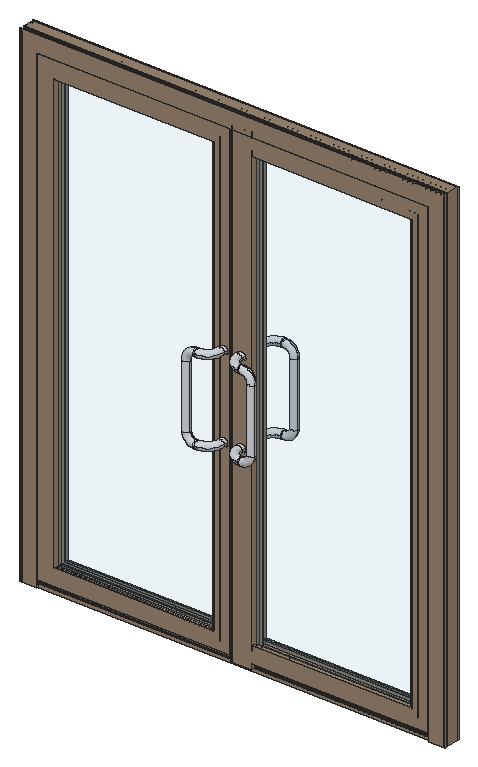
Revit family "5_Дверь наружнего открывания двустворчатая (без штульпа)_V72-D01_(2)", category Двери, Revit 2019
Family settings
  Основа = Стена
  Номер OmniClass = 23.30.20.17.11
  Заголовок OmniClass = Fixed Windows
  Всегда вертикально = Да
  При загрузке вырезать с полостями = Нет
  Общий = Нет
  Точка расчета площади = Нет
Parameters (values of type "V72 Дверь двустворчатая")
  Width [instance] = 0.00 mm  # constant formula
  Монтажный зазор.Верх [instance] = 25.00 mm
  VIDNAL_Ширина створки прав. [instance] = 856.50 mm
  VIDNAL_Ширина створки лев. [instance] = ADSK_Ширина рамы - VIDNAL_Ширина створки прав. - 83.00 mm  # 860.50 mm
  VIDNAL_Ширина проема [instance] = ADSK_Ширина рамы + Монтажный зазор.Правый + Монтажный зазор.Левый  # 1850.00 mm
  VIDNAL_Цвет конструкции = ""
  VIDNAL_Фурнитура [instance] = ""
  VIDNAL_Формула стеклопакета [instance] = ""
  VIDNAL_Толщина стеклопакета [instance] = ""
  VIDNAL_Сопротивление ветровой нагрузке = ""
  VIDNAL_Система профилей [instance] = "V72"  # constant formula
  VIDNAL_Площадь изделия [instance] = ADSK_Ширина рамы * ADSK_Высота рамы  # 3.78 m²
  VIDNAL_Звукоизоляция [instance] = ""
  VIDNAL_Глубина вставки [instance] = 150.00 mm
  VIDNAL_Высота ручки = 1000.00 mm
  VIDNAL_Высота проема [instance] = ADSK_Высота рамы + Монтажный зазор.Верх  # 2125.00 mm
  Глубина профиля [instance] = 72.00 mm  # constant formula
  Rough Width = 0.00 mm  # constant formula
  Rough Height = 0.00 mm  # constant formula
  Описание = "Окно"
  Обозначение = "ГОСТ 23747-2015"
  Наименование = ""
  Монтажный зазор.Правый [instance] = 25.00 mm
  Монтажный зазор.Левый [instance] = 25.00 mm
  Марка проема [instance] = ""
  Model = ""
  Стекло = АС_Стекло
  Рама = Алюминий
  Type Comments = ""
  Assembly Code = ""
  Wall Closure = (empty or 0)
  Height [instance] = 0.00 mm  # constant formula
  Аналитическая конструкция = "<Нет>"
  VIDNAL_Возухопроницаемость [instance] = ""
  VIDNAL_Водонепроницаемость [instance] = ""
  VIDNAL_Rприв. профиля со стеклопакетом [instance] = ""
  ADSK_Ширина рамы [instance] = 1800.00 mm
  ADSK_Позиция [instance] = ""
  ADSK_Завод-изготовитель [instance] = "VIDNAL"  # constant formula
  ADSK_Высота рамы [instance] = 2100.00 mm
Reference planes
  plane 1 "Глубина профиля": y = -112
  plane 2: z = 0
  plane 3 "Слева": x = -922.6
  plane 4 "Справа": x = 927.4
  plane 5 "низ створки": z = 9
  plane 6 "ВЕРХ": z = 2125
  plane 7 "Внутренняя": y = -190
  plane 8 "Вставка двери": y = -40
  plane 9 "рама лев": x = -897.6
  plane 10 "рама прав": x = 902.4
  plane 11 "рама верх": z = 2100
  plane 12: y = 190
  plane 13 "верх створки": z = 2050
  plane 14 "низ порога": z = 0
  plane 15 "створка лев": x = -845.6
  plane 16 "створка прав": x = 850.4
  plane 17 "створка прав2": x = -6.1
  plane 18 "створка лев2": x = 10.9
Forms (mm)
  Extrusion 1, void, detail levels medium+fine
    sketch origin (0, 38, 0) x (0, 0, 1) y (-1, 0, 0)
      loop
        line (2125, -927.4) -> (2125, 922.6) -> (0, 922.6) -> (0, -927.4) -> (2125, -927.4)
    from -152 to 228
  Sweep 2, solid, material "Алюминий" <- "Рама"
    path origin (0, -40, 0) x (0, 0, -1) y (-1, 0, 0)
      loop
        line (0, 897.6) -> (-2100, 897.6) -> (-2100, -902.4) -> (0, -902.4)
    profile "Профиль_Рама_дверь_наруж_141-241 : Профиль_Рама_дверь_наруж_141-241" origin (-897.6, -40, 1050) x (1, 0, 0) y (0, 1, 0)
      loop
        line (45.25, -62.15) -> (50.25, -62.15) -> (50.25, -37.8) -> (1.75, -37.8) -> (1.75, -50.4) -> (6.75, -50.4) -> (6.75, -70.2) -> (45.25, -70.2) -> (45.25, -62.15)
      loop
        line (1.836, -16.171) -> (1.836, -29.761) -> (9.375, -36) -> (42.625, -36) -> (50.138, -29.758) -> (50.138, -16.442) -> (42.625, -10) -> (9.375, -10) -> (1.836, -16.171)
      loop
        line (45.25, -1.8) -> (6.75, -1.8) -> (6.75, -8.2) -> (45.25, -8.2) -> (45.25, -1.8)
      loop
        line (69, -72) -> (69, -63.75) -> (64, -63.75) -> (64, -64.874) -> (68.056, -64.874) -> (68.056, -66.837) -> (62, -66.837) -> (62, -70.5) -> (47, -70.5) -> (47, -63.75) -> (52, -63.75) -> (52, -10.05) -> (57, -10.05) -> (57, -7.249) -> (51.61, -7.249) -> (51.61, -5.378) -> (59, -5.378) -> (59, -4.25) -> (49.975, -4.25) -> (49.975, -8.3) -> (47, -8.3) -> (47, 0) -> (0, 0) -> (0, -2.5) -> (1.5, -2.5) -> (1.5, -1.5) -> (5, -1.5) -> (5, -8.5) -> (1.5, -8.5) -> (1.5, -7.5) -> (0, -7.5) -> (0, -53.903) -> (2, -53.903) -> (2, -52) -> (5, -52) -> (5, -70.25) -> (2, -70.25) -> (2, -67.995) -> (0, -67.995) -> (0, -72) -> (47, -72) -> (69, -72)
  Sweep 3, solid, material "Алюминий"
    path origin (0, -40, 0) x (0, 0, -1) y (-1, 0, 0)
      loop
        line (0, 843.6) -> (0, -848.4)
    profile "Профиль_Порог_174-174 : Профиль_Порог_174-174" origin (2.4, -40, 0) x (0, 0, -1) y (0, 1, 0)
      loop
        line (-12.138, -31.036) -> (-12.138, -44.556) -> (-6.993, -48.301) -> (-1.849, -44.558) -> (-1.849, -31.039) -> (-6.993, -27.296) -> (-12.138, -31.036)
      loop
        line (-16, -4.208) -> (-16, -5.354) -> (-9, -5.354) -> (-9, -7.207) -> (-14, -7.207) -> (-14, -53.901) -> (-23.3, -53.901) -> (-23.3, -61.827) -> (-13.938, -61.827) -> (-14, -67.3) -> (0, -67.3) -> (0, -65.677) -> (-1.001, -65.677) -> (-1.001, -52.6) -> (0, -52.6) -> (0, -22.997) -> (-1.001, -22.997) -> (-1.001, -9.92) -> (0, -9.92) -> (0, -8.297) -> (-7.331, -8.297) -> (-7.331, -4.208) -> (-16, -4.208)
      loop
        line (-7.68, -56.274) -> (-8.867, -57.461)
        arc (-8.867, -57.461) -> (-10.418, -55.254) -> (-9.94, -52.6) r 3.5
        line (-9.94, -52.6) -> (-11.8, -52.6) -> (-11.8, -65.502) -> (-2.5, -65.502) -> (-2.5, -52.6) -> (-4.061, -52.6)
        arc (-4.061, -52.6) -> (-3.582, -55.254) -> (-5.134, -57.461) r 3.5
        line (-5.134, -57.461) -> (-6.32, -56.274)
        arc (-6.32, -56.274) -> (-7, -52.6) -> (-7.68, -56.274) r 1.9
      loop
        arc (-7.68, -19.323) -> (-7, -22.997) -> (-6.32, -19.323) r 1.9
        line (-6.32, -19.323) -> (-5.134, -18.136)
        arc (-5.134, -18.136) -> (-3.582, -20.342) -> (-4.061, -22.997) r 3.5
        line (-4.061, -22.997) -> (-2.5, -22.997) -> (-2.5, -10.095) -> (-11.8, -10.095) -> (-11.8, -22.997) -> (-9.94, -22.997)
        arc (-9.94, -22.997) -> (-10.418, -20.342) -> (-8.867, -18.136) r 3.5
        line (-8.867, -18.136) -> (-7.68, -19.323)
Lines and regions (mm)
  symbolic lines, detail levels fine
    curve 1: line (-163.1, -40, 9) -> (-163.1, -112, 9)
    curve 3: line (-163.1, -112, 49) -> (-163.1, -40, 49)
    curve 5: line (-163.1, -40, 2125) -> (-163.1, -112, 2125)
    curve 7: line (-163.1, -112, 2100) -> (-163.1, -40, 2100)
  symbolic lines
    curve 2: line (-163.1, -40, 49) -> (-163.1, -40, 9)
    curve 4: line (-163.1, -112, 9) -> (-163.1, -112, 49)
    curve 6: line (-163.1, -40, 2100) -> (-163.1, -40, 2125)
    curve 8: line (-163.1, -112, 2125) -> (-163.1, -112, 2100)
  symbolic lines, detail levels coarse
    curve 9: line (927.4, -40, 2125) -> (927.4, -40, 9)
    curve 10: line (927.4, -112, 2125) -> (927.4, -112, 9)
Text (mm)
  text "Наружный" at (-2011.448, 646.123, 0), in view "Линия этажа"
  text "Внутренний" at (-2011.448, -562.523, 0), in view "Линия этажа"
  text "Наружный" at (0, 1108.87, 3415.022), in view "Слева"
  text "Наружный" at (0, 464.664, 3176.206), in view "Справа"
Dimensions and locks
  plane 3 "Слева" to plane 4 "Справа" = 1850.00 mm
  "Монтажный зазор.Правый": plane 10 "рама прав" to plane 4 "Справа"
  plane 5 "низ створки" to plane 5 "низ створки" = 0.00 mm
  "ADSK_Ширина рамы": plane 9 "рама лев" to plane 10 "рама прав"
  "Монтажный зазор.Левый": plane 3 "Слева" to plane 9 "рама лев"
  "Монтажный зазор.Верх": plane 11 "рама верх" to plane 6 "ВЕРХ"
  "VIDNAL_Глубина вставки": plane 8 "Вставка двери" to plane 7 "Внутренняя"
  "Глубина профиля": plane 8 "Вставка двери" to plane 1 "Глубина профиля"
  plane 9 "рама лев" to plane 15 "створка лев" = 52.00 mm
  plane 16 "створка прав" to plane 10 "рама прав" = 52.00 mm
  plane 11 "рама верх" to plane 13 "верх створки" = 50.00 mm
  plane 5 "низ створки" to plane 2 = 9.00 mm
  "ADSK_Высота рамы": plane 11 "рама верх" to plane 2
  "VIDNAL_Ширина створки прав.": plane 17 "створка прав2" to plane 16 "створка прав"
  locked: plane 17 "створка прав2" to plane 18 "створка лев2" at 17
  plane 18 "створка лев2" to plane 15 "створка лев" = 856.50 mm
  nested 1 to level = 9.00 mm
  aligned and locked: plane 7 "Внутренняя" to host wall
  aligned and locked: plane 8 "Вставка двери" to curve 6
  aligned and locked: level to plane 2
  aligned and locked: host wall to Extrusion 1  (x2)
  aligned and locked: plane 4 "Справа" to Extrusion 1 sketch curve
  aligned and locked: plane 17 "створка прав2" to nested 1
  aligned and locked: nested 2 to plane 18 "створка лев2"
  aligned and locked: nested 2 to plane 13 "верх створки"
  aligned and locked: nested 1 to plane 13 "верх створки"
  aligned and locked: nested 1 to plane 8 "Вставка двери"
  aligned and locked: nested 1 to Sweep 2
  aligned and locked: plane 15 "створка лев" to nested 2
  aligned and locked: plane 16 "створка прав" to nested 1
  aligned and locked: plane 14 "низ порога" to level
  aligned and locked: nested 2 to plane 5 "низ створки"
  aligned and locked: nested 1 to plane 5 "низ створки"
Automatic sketch dimensions
  Extrusion 1 sketch curve to level = 0.00 mm
  plane 3 "Слева" to Extrusion 1 sketch curve = 0.00 mm
  Extrusion 1 sketch curve to plane 6 "ВЕРХ" = 0.00 mm
  curve 6 to plane 8 "Вставка двери" = 0.00 mm
  plane 5 "низ створки" to curve 9 = 0.00 mm
  curve 9 to plane 8 "Вставка двери" = 0.00 mm
  curve 10 to plane 1 "Глубина профиля" = 0.00 mm
  plane 5 "низ створки" to curve 10 = 0.00 mm
  plane 6 "ВЕРХ" to curve 10 = 0.00 mm
  plane 6 "ВЕРХ" to curve 9 = 0.00 mm
  curve 3 to plane 5 "низ створки" = 40.00 mm
  plane 5 "низ створки" to curve 1 = 0.00 mm
  curve 1 to plane 1 "Глубина профиля" = 0.00 mm
  curve 8 to plane 1 "Глубина профиля" = 0.00 mm
  curve 2 to plane 8 "Вставка двери" = 0.00 mm
  curve 8 to plane 11 "рама верх" = 0.00 mm
  plane 6 "ВЕРХ" to curve 5 = 0.00 mm
  Sweep 2 sketch curve to plane 9 "рама лев" = 0.00 mm
  plane 10 "рама прав" to Sweep 2 sketch curve = 0.00 mm
  Sweep 2 sketch curve to plane 11 "рама верх" = 0.00 mm
  Sweep 2 sketch curve to level = 0.00 mm  (x2)
  Sweep 3 sketch curve to plane 14 "низ порога" = 0.00 mm
  plane 16 "створка прав" to Sweep 3 sketch curve = 2.00 mm
  plane 15 "створка лев" to Sweep 3 sketch curve = 2.00 mm
Nested families
  nested 1: "СТВОРКА дверная наруж ведомая" at (-6.1, -40, 9), type "Поворотная право"
    with Створка.Ширина 856.50 mm, Створка.Высота 2041.00 mm, Высота импоста 900.00 mm, VIDNAL_Высота ручки 1003.201 mm
  nested 2: "СТВОРКА дверная наруж" at (-845.6, -40, 9), type "Поворотная лево"
    with Створка.Ширина 856.50 mm, Створка.Высота 2041.00 mm, Высота импоста 900.00 mm, VIDNAL_Высота ручки 1000.00 mm
Definition of nested family "СТВОРКА дверная наруж ведомая"
  Parameters (values of type "Поворотная лево")
    отк лев = yes
    от пр = no
    Стекло = none
    Створка.Ширина [instance] = 800.00 mm
    Створка.Высота [instance] = 1800.00 mm
    Створка VIDNAL = none
    Ручка.Справа = yes
    Ручка.Слева = no
    Открытие = yes
    Габариты заполнения = 73.00 mm
    Высота импоста [instance] = 900.00 mm
    Analytic Construction = "<Нет>"
    VIDNAL_Высота ручки [instance] = 1000.00 mm
  Types (2, lengths in mm): name | отк лев | от пр | Створка.Ширина | Створка.Высота | Ручка.Справа | Ручка.Слева | Габариты заполнения | Высота импоста | VIDNAL_Высота ручки
    Поворотная право | no | yes | 600.00 | 900.00 | no | yes | 54.00 | 450.00 | 900.00
    Поворотная лево | yes | no | 800.00 | 1800.00 | yes | no | 73.00 | 900.00 | 1000.00
  Reference planes
    plane 1 "Center (Front/Back)": y = 0
    plane 2 "Bottom": z = 0
    plane 3 "Left": x = 0
    plane 4 "Right": x = 800
    plane 5 "Top": z = 1800
    plane 6 "ось": z = 900
    plane 7: x = 73
    plane 8: x = 727
    plane 9: y = -8
    plane 10: y = -52
    plane 11: z = 1727
    plane 12: z = 73
    plane 13 "ручка прав": x = 754
    plane 14 "ручка лев": x = 46
    plane 15: z = 1000
    plane 16: x = 91
    plane 17: x = 709
    plane 18: through (73, -1524, 1710.989) normal (-0.7732, 0, -0.6341)
  Forms (mm)
    Extrusion 1, solid, material <- "Стекло"
      sketch origin (0, 0, -100) x (1, 0, 0) y (0, 0, 1)
        loop
          line (73, 173) -> (727, 173) -> (727, 1827) -> (73, 1827) -> (73, 173)
      from 52 to 8
    Sweep 2, solid
      path origin (0, 0, 0) x (1, 0, 0) y (0, 0, 1)
        loop
          line (91, 1800) -> (800, 1800) -> (800, 0) -> (91, 0)
      profile "Профиль_Створка_дверь_наруж_162-242 : Профиль_Створка_дверь_наруж_162-242" origin (445.5, 0, 1800) x (0, 0, 1) y (0, -1, 0)
        loop
          line (-22, 63.7) -> (-22, 72) -> (-91, 72) -> (-91, 53.119) -> (-91, 52) -> (-83.992, 52) -> (-84, 53.119) -> (-84, 59.213) -> (-74.325, 53.6) -> (-69, 53.6) -> (-69, 8.3) -> (-64, 8.3) -> (-64, 1.5) -> (-84, 1.5) -> (-84, 3.2) -> (-82.5, 3.2) -> (-82.5, 4.2) -> (-84.631, 4.2) -> (-84.631, 8) -> (-90.967, 8) -> (-90.967, 0) -> (-22, 0) -> (0, 0) -> (0, 4.2) -> (-2.5, 4.2) -> (-2.5, 3.051) -> (-1.5, 3.051) -> (-1.5, 1.5) -> (-5.57, 1.5) -> (-5.57, 3.051) -> (-4.57, 3.051) -> (-4.57, 4.2) -> (-7, 4.2) -> (-7, 1.5) -> (-22, 1.5) -> (-22, 8.25) -> (-17, 8.25) -> (-17, 62) -> (-12, 62) -> (-12, 63.7) -> (-22, 63.7)
        loop
          line (-18.848, 16.171) -> (-18.848, 29.761) -> (-26.388, 36) -> (-59.637, 36) -> (-67.15, 29.758) -> (-67.15, 16.442) -> (-59.637, 10) -> (-26.388, 10) -> (-18.848, 16.171)
        loop
          line (-62.25, 1.8) -> (-23.75, 1.8) -> (-23.75, 8.2) -> (-62.25, 8.2) -> (-62.25, 1.8)
        loop
          line (-18.75, 37.8) -> (-18.75, 62.1) -> (-23.75, 62.1) -> (-23.75, 70.2) -> (-62.25, 70.2) -> (-62.25, 50.4) -> (-67.25, 50.4) -> (-67.25, 37.8) -> (-18.75, 37.8)
        loop
          line (-74.002, 54.8) -> (-64, 54.8) -> (-64, 66.8) -> (-70.7, 66.8) -> (-70.7, 70.6) -> (-89.6, 70.6) -> (-89.6, 60.6) -> (-84, 60.6) -> (-74.002, 54.8)
    Sweep 3, solid
      path origin (0, 0, 0) x (1, 0, 0) y (0, 0, 1)
        loop
          line (0, 0) -> (0, 1800)
      profile "Профиль_Створка_дверь_внутр_161-241 : Створка_дверь_внутр_161-241" origin (0, 0, 900) x (-1, 0, 0) y (0, -1, 0)
        loop
          line (-22, 8.3) -> (-12, 8.3) -> (-12, 10) -> (-17, 10) -> (-17, 63.75) -> (-22, 63.75) -> (-22, 70.5) -> (-7, 70.5) -> (-7, 67.8) -> (-5, 67.8) -> (-5, 70.5) -> (-3.5, 70.5) -> (-3.5, 67.8) -> (0, 67.8) -> (0, 72) -> (-22, 72) -> (-91, 72) -> (-91, 53.119) -> (-91, 52) -> (-83.992, 52) -> (-84, 53.119) -> (-84, 59.213) -> (-74.325, 53.6) -> (-69, 53.6) -> (-69, 8.3) -> (-64, 8.3) -> (-64, 1.5) -> (-84, 1.5) -> (-84, 3.2) -> (-82.5, 3.2) -> (-82.5, 4.2) -> (-84.631, 4.2) -> (-84.631, 8) -> (-90.967, 8) -> (-90.967, 0) -> (-22, 0) -> (-22, 8.3)
        loop
          line (-18.848, 16.171) -> (-18.848, 29.761) -> (-26.388, 36) -> (-59.637, 36) -> (-67.15, 29.758) -> (-67.15, 16.442) -> (-59.637, 10) -> (-26.388, 10) -> (-18.848, 16.171)
        loop
          line (-62.25, 1.8) -> (-23.75, 1.8) -> (-23.75, 8.2) -> (-62.25, 8.2) -> (-62.25, 1.8)
        loop
          line (-18.75, 37.8) -> (-18.75, 62.1) -> (-23.75, 62.1) -> (-23.75, 70.2) -> (-62.25, 70.2) -> (-62.25, 50.4) -> (-67.25, 50.4) -> (-67.25, 37.8) -> (-18.75, 37.8)
        loop
          line (-74.002, 54.8) -> (-64, 54.8) -> (-64, 66.8) -> (-70.7, 66.8) -> (-70.7, 70.6) -> (-89.6, 70.6) -> (-89.6, 60.6) -> (-84, 60.6) -> (-74.002, 54.8)
  Cuts and joins
    joined: Sweep 2, Sweep 3
  Lines and regions (mm)
    symbolic lines, not visible
      curve 1: line (400, 0, 950) -> (400, 0, 850)
      curve 2: line (350, 0, 900) -> (450, 0, 900)
    symbolic lines, visible <- "от пр"
      curve 3: line (710, -75, 1710) -> (90, -75, 900)
      curve 4: line (90, -75, 900) -> (710, -75, 90)
    symbolic lines, visible <- "отк лев"
      curve 5: line (90, -75, 90) -> (710, -75, 900)
      curve 6: line (710, -75, 900) -> (90, -75, 1710)
  Dimensions and locks
    "Створка.Ширина": plane 4 "Right" to plane 3 "Left"
    "Створка.Высота": plane 5 "Top" to plane 2 "Bottom"
    equal spacing: plane 3 "Left", curve 1, plane 4 "Right"
    locked: plane 9 to plane 1 "Center (Front/Back)" at 8
    "Габариты заполнения": plane 3 "Left" to plane 7
    "Габариты заполнения": plane 8 to plane 4 "Right"
    "Габариты заполнения": plane 12 to plane 2 "Bottom"
    "Габариты заполнения": plane 5 "Top" to plane 11
    plane 14 "ручка лев" to plane 3 "Left" = 46.00 mm
    plane 13 "ручка прав" to plane 4 "Right" = 46.00 mm
    locked: plane 3 "Left" to plane 14 "ручка лев" at 46
    "VIDNAL_Высота ручки": plane 15 to plane 2 "Bottom"
    plane 3 "Left" to plane 16 = 91.00 mm
    plane 17 to plane 4 "Right" = 91.00 mm
    locked: plane 13 "ручка прав" to plane 4 "Right" at 46
    plane 5 "Top" to plane 6 "ось" to plane 2 "Bottom" = 900.00 mm, 900.00 mm
    equal spacing: plane 5 "Top", plane 6 "ось", plane 2 "Bottom"
    aligned and locked: level to plane 2 "Bottom"
    aligned and locked: plane 6 "ось" to curve 4
    aligned and locked: plane 6 "ось" to curve 6
    aligned and locked: Extrusion 1 to plane 7
    aligned and locked: Extrusion 1 to plane 9
    aligned and locked: Extrusion 1 to plane 10
    aligned and locked: plane 8 to Extrusion 1
    aligned and locked: Extrusion 1 to plane 12
    aligned and locked: plane 11 to Extrusion 1
    aligned and locked: nested 1 to plane 14 "ручка лев"
    aligned and locked: nested 1 to plane 15
    aligned and locked: plane 15 to nested 2
    aligned and locked: plane 13 "ручка прав" to nested 2
    aligned and locked: plane 14 "ручка лев" to nested 3
    aligned and locked: nested 4 to plane 13 "ручка прав"
    aligned and locked: plane 15 to nested 3
    aligned and locked: nested 4 to plane 15
    aligned and locked: plane 10 to cut or joined group of Sweep 2, Sweep 3
  Automatic sketch dimensions
    plane 7 to Extrusion 1 sketch curve = 0.00 mm
    Extrusion 1 sketch curve to plane 8 = 0.00 mm
    Extrusion 1 sketch curve to plane 12 = 0.00 mm
    Extrusion 1 sketch curve to plane 11 = 0.00 mm
    plane 7 to curve 6 = 17.00 mm
    plane 7 to curve 5 = 17.00 mm
    plane 7 to curve 4 = 17.00 mm
    curve 5 to plane 8 = 17.00 mm
    curve 3 to plane 8 = 17.00 mm
    plane 12 to curve 5 = 17.00 mm
    plane 12 to curve 4 = 17.00 mm
    curve 3 to plane 11 = 17.00 mm
    curve 4 to plane 8 = 17.00 mm
    curve 6 to plane 11 = 17.00 mm
    curve 2 to curve 1 = 50.00 mm
    curve 1 to curve 2 = 50.00 mm
    curve 1 to plane 6 "ось" = 50.00 mm
    plane 6 "ось" to curve 1 = 50.00 mm
    curve 2 to plane 6 "ось" = 0.00 mm
    Sweep 2 sketch curve to level = 0.00 mm
    Sweep 2 sketch curve to plane 16 = 0.00 mm  (x2)
    Sweep 2 sketch curve to plane 5 "Top" = 0.00 mm
    plane 4 "Right" to Sweep 2 sketch curve = 0.00 mm
    Sweep 3 sketch curve to plane 3 "Left" = 0.00 mm
    Sweep 3 sketch curve to level = 0.00 mm
    Sweep 3 sketch curve to plane 5 "Top" = 0.00 mm
  Nested families
    nested 1: "Ручка дверная прямоугольная" at (46, -70, 889.834), visible <- "Ручка.Слева", type "Ручка дверная прямоугольная"
      with Ручка высота установки 110.166 mm
    nested 2: "Ручка дверная прямоугольная" at (754, -70, 889.834) x (-1, 0, 0) z (0, 0, 1), visible <- "Ручка.Справа", type "Ручка дверная прямоугольная"
      with Ручка высота установки 110.166 mm
    nested 3: "Ручка дверная прямоугольная" at (46, 10, 889.834), visible <- "Ручка.Слева", type "Ручка дверная прямоугольная"
      with Ручка высота установки 110.166 mm
    nested 4: "Ручка дверная прямоугольная" at (754, 10, 889.834) x (-1, 0, 0) z (0, 0, 1), visible <- "Ручка.Справа", type "Ручка дверная прямоугольная"
      with Ручка высота установки 110.166 mm
  Definition of nested family "Ручка дверная прямоугольная"
    Parameters (values of type "Ручка дверная прямоугольная")
      Ручка высота установки [instance] = 110.166 mm
    Reference planes
      plane 1 "По центру (Вперед/Назад)": y = 0
      plane 2: z = 0
      plane 3 "По центру (Влево/Вправо)": x = 0
      plane 4: y = -10
      plane 5 "1": x = 55
      plane 6 "2": y = 74
      plane 7 "Высота ручки": z = 110.166
    Forms (mm)
      Extrusion 1, solid
        sketch origin (0, 0, 0) x (1, 0, 0) y (0, 0, 1)
          loop
            circle (0, 285.166) r 20
        from 0 to 10
      Extrusion 2, solid
        sketch origin (0, 0, 0) x (1, 0, 0) y (0, 0, 1)
          loop
            circle (0, -64.834) r 20
        from 0 to 10
      Sweep 3, solid
        path origin (0, 0, 0) x (1, 0, 0) y (0, 1, 0)
          loop
            line (0, 0) -> (0, 20)
            arc (0, 20) -> (15.816, 58.184) -> (54, 74) r 54
            line (54, 74) -> (55, 74)
        profile origin (0, 10, 0) x (-1, 0, 0) y (0, 0, 1)
          loop
            circle (0, 285.166) r 15
          loop
            circle (0, -64.834) r 15
      Sweep 4, solid
        path origin (0, 74, 0) x (-1, 0, 0) y (0, 0, 1)
          loop
            line (-55, 285.166) -> (-60, 285.166)
            arc (-60, 285.166) -> (-88.284, 273.45) -> (-100, 245.166) r 40
            line (-100, 245.166) -> (-100, -24.834)
            arc (-100, -24.834) -> (-88.284, -53.118) -> (-60, -64.834) r 40
            line (-60, -64.834) -> (-55, -64.834)
        profile origin (57.5, 74, 285.166) x (0, 0, -1) y (0, 1, 0)
          loop
            circle (0, 0) r 15
    Dimensions and locks
      plane 1 "По центру (Вперед/Назад)" to plane 4 = 10.00 mm
      locked: plane 4 to plane 6 "2" at 84
      locked: plane 3 "По центру (Влево/Вправо)" to plane 5 "1" at 55
      locked: Extrusion 1 sketch curve to plane 7 "Высота ручки" at 175
      locked: plane 7 "Высота ручки" to Extrusion 2 sketch curve at 175
      locked: Sweep 3 sketch curve to plane 7 "Высота ручки" at 175
      locked: plane 7 "Высота ручки" to Sweep 3 sketch curve at 175
      "Ручка высота установки": plane 7 "Высота ручки" to level
      locked: Sweep 4 sketch curve to Sweep 4 sketch curve at 350
      locked: Sweep 4 sketch curve to Sweep 4 sketch curve at 45  (x2)
      Sweep 4 sketch curve to plane 7 "Высота ручки" = 175.00 mm
      locked: Sweep 4 sketch curve to plane 3 "По центру (Влево/Вправо)" at 100
      aligned and locked: level to plane 2
      aligned and locked: plane 4 to Extrusion 1
      aligned and locked: plane 4 to Extrusion 2
    Automatic sketch dimensions
      Extrusion 1 sketch curve to plane 3 "По центру (Влево/Вправо)" = 0.00 mm
      Extrusion 2 sketch curve to plane 3 "По центру (Влево/Вправо)" = 0.00 mm
      Sweep 3 sketch curve to plane 3 "По центру (Влево/Вправо)" = 0.00 mm
      Sweep 3 sketch curve to plane 6 "2" = 0.00 mm
      Sweep 3 sketch curve to plane 5 "1" = 0.00 mm
      plane 1 "По центру (Вперед/Назад)" to Sweep 3 sketch curve = 0.00 mm
      Sweep 3 sketch curve to plane 5 "1" = 1.00 mm
      Sweep 3 sketch curve to profile plane = 0.00 mm  (x2)
      Sweep 4 sketch curve to plane 6 "2" = 0.00 mm
      Sweep 4 sketch curve to profile plane = 0.00 mm
      plane 5 "1" to Sweep 4 sketch curve = 5.00 mm  (x2)
      radius of Extrusion 1 sketch curve = 20.00 mm
      radius of Extrusion 2 sketch curve = 20.00 mm
      radius of Sweep 3 sketch curve = 15.00 mm  (x2)
      radius of Sweep 4 sketch curve = 15.00 mm
Definition of nested family "СТВОРКА дверная наруж"
  Parameters (values of type "Поворотная лево")
    отк лев = yes
    от пр = no
    Стекло = none
    Створка.Ширина [instance] = 800.00 mm
    Створка.Высота [instance] = 1800.00 mm
    Створка VIDNAL = none
    Ручка.Справа = yes
    Ручка.Слева = no
    Открытие = yes
    Габариты заполнения = 73.00 mm
    Высота импоста [instance] = 900.00 mm
    Analytic Construction = "<Нет>"
    VIDNAL_Высота ручки [instance] = 1000.00 mm
  Types (2, lengths in mm): name | отк лев | от пр | Ручка.Справа | Ручка.Слева
    Поворотная право | no | yes | no | yes
    Поворотная лево | yes | no | yes | no
  Reference planes
    plane 1 "Center (Front/Back)": y = 0
    plane 2 "Bottom": z = 0
    plane 3 "Left": x = 0
    plane 4 "Right": x = 800
    plane 5 "Top": z = 1800
    plane 6 "ось": z = 900
    plane 7: x = 73
    plane 8: x = 727
    plane 9: y = -8
    plane 10: y = -52
    plane 11: z = 1727
    plane 12: z = 73
    plane 13 "ручка прав": x = 754
    plane 14 "ручка лев": x = 46
    plane 15: z = 1000
    plane 16: x = 91
    plane 17: x = 709
  Forms (mm)
    Extrusion 1, solid, material <- "Стекло"
      sketch origin (0, 0, -100) x (1, 0, 0) y (0, 0, 1)
        loop
          line (73, 173) -> (727, 173) -> (727, 1827) -> (73, 1827) -> (73, 173)
      from 52 to 8
    Sweep 2, solid
      path origin (0, 0, 0) x (1, 0, 0) y (0, 0, 1)
        loop
          line (0, 1800) -> (0, 0) -> (800, 0) -> (800, 1800) -> (0, 1800)
      profile "Профиль_Створка_дверь_наруж_162-242 : Профиль_Створка_дверь_наруж_162-242" origin (400, 0, 1800) x (0, 0, 1) y (0, -1, 0)
        loop
          line (-22, 63.7) -> (-22, 72) -> (-91, 72) -> (-91, 53.119) -> (-91, 52) -> (-83.992, 52) -> (-84, 53.119) -> (-84, 59.213) -> (-74.325, 53.6) -> (-69, 53.6) -> (-69, 8.3) -> (-64, 8.3) -> (-64, 1.5) -> (-84, 1.5) -> (-84, 3.2) -> (-82.5, 3.2) -> (-82.5, 4.2) -> (-84.631, 4.2) -> (-84.631, 8) -> (-90.967, 8) -> (-90.967, 0) -> (-22, 0) -> (0, 0) -> (0, 4.2) -> (-2.5, 4.2) -> (-2.5, 3.051) -> (-1.5, 3.051) -> (-1.5, 1.5) -> (-5.57, 1.5) -> (-5.57, 3.051) -> (-4.57, 3.051) -> (-4.57, 4.2) -> (-7, 4.2) -> (-7, 1.5) -> (-22, 1.5) -> (-22, 8.25) -> (-17, 8.25) -> (-17, 62) -> (-12, 62) -> (-12, 63.7) -> (-22, 63.7)
        loop
          line (-18.848, 16.171) -> (-18.848, 29.761) -> (-26.388, 36) -> (-59.637, 36) -> (-67.15, 29.758) -> (-67.15, 16.442) -> (-59.637, 10) -> (-26.388, 10) -> (-18.848, 16.171)
        loop
          line (-62.25, 1.8) -> (-23.75, 1.8) -> (-23.75, 8.2) -> (-62.25, 8.2) -> (-62.25, 1.8)
        loop
          line (-18.75, 37.8) -> (-18.75, 62.1) -> (-23.75, 62.1) -> (-23.75, 70.2) -> (-62.25, 70.2) -> (-62.25, 50.4) -> (-67.25, 50.4) -> (-67.25, 37.8) -> (-18.75, 37.8)
        loop
          line (-74.002, 54.8) -> (-64, 54.8) -> (-64, 66.8) -> (-70.7, 66.8) -> (-70.7, 70.6) -> (-89.6, 70.6) -> (-89.6, 60.6) -> (-84, 60.6) -> (-74.002, 54.8)
  Lines and regions (mm)
    symbolic lines, not visible
      curve 1: line (400, 0, 950) -> (400, 0, 850)
      curve 2: line (350, 0, 900) -> (450, 0, 900)
    symbolic lines, visible <- "от пр"
      curve 3: line (710, -75, 1710) -> (90, -75, 900)
      curve 4: line (90, -75, 900) -> (710, -75, 90)
    symbolic lines, visible <- "отк лев"
      curve 5: line (90, -75, 90) -> (710, -75, 900)
      curve 6: line (710, -75, 900) -> (90, -75, 1710)
  Dimensions and locks
    "Створка.Ширина": plane 4 "Right" to plane 3 "Left"
    "Створка.Высота": plane 5 "Top" to plane 2 "Bottom"
    equal spacing: plane 3 "Left", curve 1, plane 4 "Right"
    locked: plane 9 to plane 1 "Center (Front/Back)" at 8
    "Габариты заполнения": plane 3 "Left" to plane 7
    "Габариты заполнения": plane 8 to plane 4 "Right"
    "Габариты заполнения": plane 12 to plane 2 "Bottom"
    "Габариты заполнения": plane 5 "Top" to plane 11
    plane 14 "ручка лев" to plane 3 "Left" = 46.00 mm
    plane 13 "ручка прав" to plane 4 "Right" = 46.00 mm
    locked: plane 3 "Left" to plane 14 "ручка лев" at 46
    "VIDNAL_Высота ручки": plane 15 to plane 2 "Bottom"
    plane 3 "Left" to plane 16 = 91.00 mm
    plane 17 to plane 4 "Right" = 91.00 mm
    locked: plane 13 "ручка прав" to plane 4 "Right" at 46
    plane 9 to plane 10 = 44.00 mm
    plane 5 "Top" to plane 6 "ось" to plane 2 "Bottom" = 900.00 mm, 900.00 mm
    equal spacing: plane 5 "Top", plane 6 "ось", plane 2 "Bottom"
    aligned and locked: level to plane 2 "Bottom"
    aligned and locked: plane 6 "ось" to curve 4
    aligned and locked: plane 6 "ось" to curve 6
    aligned and locked: Extrusion 1 to plane 7
    aligned and locked: Extrusion 1 to plane 9
    aligned and locked: Extrusion 1 to plane 10
    aligned and locked: plane 8 to Extrusion 1
    aligned and locked: Extrusion 1 to plane 12
    aligned and locked: plane 11 to Extrusion 1
    aligned and locked: nested 1 to plane 14 "ручка лев"
    aligned and locked: nested 1 to plane 15
    aligned and locked: plane 15 to nested 2
    aligned and locked: plane 13 "ручка прав" to nested 2
    aligned and locked: plane 14 "ручка лев" to nested 3
    aligned and locked: nested 4 to plane 13 "ручка прав"
    aligned and locked: plane 15 to nested 3
    aligned and locked: nested 4 to plane 15
  Automatic sketch dimensions
    plane 7 to Extrusion 1 sketch curve = 0.00 mm
    Extrusion 1 sketch curve to plane 8 = 0.00 mm
    Extrusion 1 sketch curve to plane 12 = 0.00 mm
    Extrusion 1 sketch curve to plane 11 = 0.00 mm
    plane 7 to curve 6 = 17.00 mm
    plane 7 to curve 5 = 17.00 mm
    plane 7 to curve 4 = 17.00 mm
    curve 5 to plane 8 = 17.00 mm
    curve 3 to plane 8 = 17.00 mm
    plane 12 to curve 5 = 17.00 mm
    plane 12 to curve 4 = 17.00 mm
    curve 3 to plane 11 = 17.00 mm
    curve 4 to plane 8 = 17.00 mm
    curve 6 to plane 11 = 17.00 mm
    Sweep 2 sketch curve to level = 0.00 mm
    Sweep 2 sketch curve to plane 3 "Left" = 0.00 mm
    plane 4 "Right" to Sweep 2 sketch curve = 0.00 mm
    Sweep 2 sketch curve to plane 5 "Top" = 0.00 mm
    curve 1 to plane 6 "ось" = 50.00 mm
    plane 6 "ось" to curve 1 = 50.00 mm
    curve 2 to curve 1 = 50.00 mm
    curve 1 to curve 2 = 50.00 mm
    curve 2 to plane 6 "ось" = 0.00 mm
  Nested families
    nested 1: "Ручка дверная прямоугольная" at (46, -70, 889.834), visible <- "Ручка.Слева", type "Ручка дверная прямоугольная"
      with Ручка высота установки 110.166 mm
    nested 2: "Ручка дверная прямоугольная" at (754, -70, 889.834) x (-1, 0, 0) z (0, 0, 1), visible <- "Ручка.Справа", type "Ручка дверная прямоугольная"
      with Ручка высота установки 110.166 mm
    nested 3: "Ручка дверная прямоугольная" at (46, 10, 889.834), visible <- "Ручка.Слева", type "Ручка дверная прямоугольная"
      with Ручка высота установки 110.166 mm
    nested 4: "Ручка дверная прямоугольная" at (754, 10, 889.834) x (-1, 0, 0) z (0, 0, 1), visible <- "Ручка.Справа", type "Ручка дверная прямоугольная"
      with Ручка высота установки 110.166 mm
  Definition of nested family "Ручка дверная прямоугольная"
    Parameters (values of type "Ручка дверная прямоугольная")
      Ручка высота установки [instance] = 110.166 mm
    Reference planes
      plane 1 "По центру (Вперед/Назад)": y = 0
      plane 2: z = 0
      plane 3 "По центру (Влево/Вправо)": x = 0
      plane 4: y = -10
      plane 5 "1": x = 55
      plane 6 "2": y = 74
      plane 7 "Высота ручки": z = 110.166
    Forms (mm)
      Extrusion 1, solid
        sketch origin (0, 0, 0) x (1, 0, 0) y (0, 0, 1)
          loop
            circle (0, 285.166) r 20
        from 0 to 10
      Extrusion 2, solid
        sketch origin (0, 0, 0) x (1, 0, 0) y (0, 0, 1)
          loop
            circle (0, -64.834) r 20
        from 0 to 10
      Sweep 3, solid
        path origin (0, 0, 0) x (1, 0, 0) y (0, 1, 0)
          loop
            line (0, 0) -> (0, 20)
            arc (0, 20) -> (15.816, 58.184) -> (54, 74) r 54
            line (54, 74) -> (55, 74)
        profile origin (0, 10, 0) x (-1, 0, 0) y (0, 0, 1)
          loop
            circle (0, 285.166) r 15
          loop
            circle (0, -64.834) r 15
      Sweep 4, solid
        path origin (0, 74, 0) x (-1, 0, 0) y (0, 0, 1)
          loop
            line (-55, 285.166) -> (-60, 285.166)
            arc (-60, 285.166) -> (-88.284, 273.45) -> (-100, 245.166) r 40
            line (-100, 245.166) -> (-100, -24.834)
            arc (-100, -24.834) -> (-88.284, -53.118) -> (-60, -64.834) r 40
            line (-60, -64.834) -> (-55, -64.834)
        profile origin (57.5, 74, 285.166) x (0, 0, -1) y (0, 1, 0)
          loop
            circle (0, 0) r 15
    Dimensions and locks
      plane 1 "По центру (Вперед/Назад)" to plane 4 = 10.00 mm
      locked: plane 4 to plane 6 "2" at 84
      locked: plane 3 "По центру (Влево/Вправо)" to plane 5 "1" at 55
      locked: Extrusion 1 sketch curve to plane 7 "Высота ручки" at 175
      locked: plane 7 "Высота ручки" to Extrusion 2 sketch curve at 175
      locked: Sweep 3 sketch curve to plane 7 "Высота ручки" at 175
      locked: plane 7 "Высота ручки" to Sweep 3 sketch curve at 175
      "Ручка высота установки": plane 7 "Высота ручки" to level
      locked: Sweep 4 sketch curve to Sweep 4 sketch curve at 350
      locked: Sweep 4 sketch curve to Sweep 4 sketch curve at 45  (x2)
      Sweep 4 sketch curve to plane 7 "Высота ручки" = 175.00 mm
      locked: Sweep 4 sketch curve to plane 3 "По центру (Влево/Вправо)" at 100
      aligned and locked: level to plane 2
      aligned and locked: plane 4 to Extrusion 1
      aligned and locked: plane 4 to Extrusion 2
    Automatic sketch dimensions
      Extrusion 1 sketch curve to plane 3 "По центру (Влево/Вправо)" = 0.00 mm
      Extrusion 2 sketch curve to plane 3 "По центру (Влево/Вправо)" = 0.00 mm
      Sweep 3 sketch curve to plane 3 "По центру (Влево/Вправо)" = 0.00 mm
      Sweep 3 sketch curve to plane 6 "2" = 0.00 mm
      Sweep 3 sketch curve to plane 5 "1" = 0.00 mm
      plane 1 "По центру (Вперед/Назад)" to Sweep 3 sketch curve = 0.00 mm
      Sweep 3 sketch curve to plane 5 "1" = 1.00 mm
      Sweep 3 sketch curve to profile plane = 0.00 mm  (x2)
      Sweep 4 sketch curve to plane 6 "2" = 0.00 mm
      Sweep 4 sketch curve to profile plane = 0.00 mm
      plane 5 "1" to Sweep 4 sketch curve = 5.00 mm  (x2)
      radius of Extrusion 1 sketch curve = 20.00 mm
      radius of Extrusion 2 sketch curve = 20.00 mm
      radius of Sweep 3 sketch curve = 15.00 mm  (x2)
      radius of Sweep 4 sketch curve = 15.00 mm
